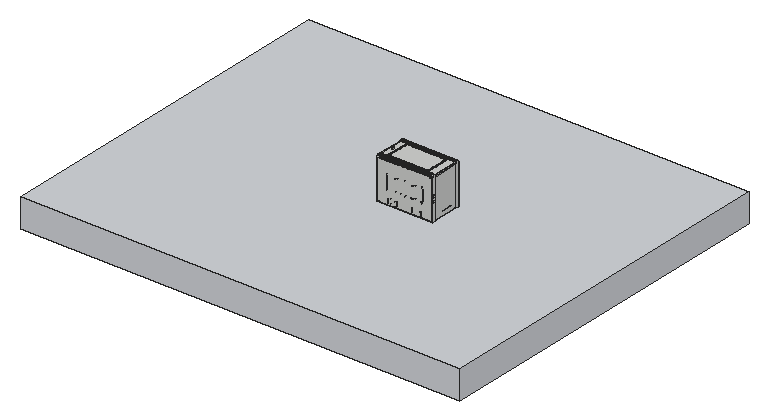
Revit family "ШТ-НСр 600х450", category Обобщенные модели, Revit 2019
Family settings
  Основа = Грань
  Может служить основой для арматурных стержней = Нет
  Размер круглого соединителя = Использовать диаметр
  Тип детали = Нормальный
  При загрузке вырезать с полостями = Нет
  Общий = Нет
  Точка расчета площади = Нет
Parameters (values of type "ШТ-НСр 6U (600х450мм) перфорированная дверь")
  Смещение двери = ADSK_Размер_Глубина - 24 mm  # 426 mm
  Default Elevation = 800 mm
  Дверь = Дверь_П-6U : Дверь_П-6U
  Высота двери = ADSK_Размер_Высота - 80 mm  # 280 mm
  ADSK_Этаж [instance] = "-"
  ADSK_Размер_Ширина = 600 mm  # constant formula
  ADSK_Размер_Глубина = 450 mm  # constant formula
  ADSK_Размер_Высота = 360 mm
  ADSK_Примечание [instance] = "-"
  ADSK_Предел огнестойкости = "-"
  ADSK_Позиция [instance] = "-"
  ADSK_Обозначение = "ШТ-НСр 6U (600х450мм) перфорированная дверь"
  ADSK_Наименование = "Шкаф телекоммуникационный настенный разборный 19”,6U(600x450), ШТ-НСр-6U-600-450-П дверь перфорированная ССД"
  ADSK_Материал обозначение = "Серый RAL 7035"  # constant formula
  ADSK_Масса_Текст = "15,1"
  ADSK_Марка [instance] = "ШТ-НСр 6U (600х450мм) перфорированная дверь"
  ADSK_Количество = 1  # constant formula
  ADSK_Код изделия = "130411-00639"
  ADSK_Зона = "-"
  ADSK_Завод-изготовитель = "АО СВЯЗЬСТРОЙДЕТАЛЬ"  # constant formula
  ADSK_Единица измерения = "шт"  # constant formula
  ADSK_URL страницы изделия = "https://www.ssd.ru/shkaf-telekommunikatsionnyy-nastennyy-razbornyy-19-6u-600x450-sht-nsr-6u-600-450-p-dver-perforirovan"
  ADSK_URL документации изделия = "https://www.ssd.ru/upload/iblock/702/fbps99x9t5k7rvodinq4s9cgysybksc9/sert_sht_np.pdf"
Reference planes
  plane 1 "По центру (Вперед/Назад)": y = 0
  plane 2: z = 0
  plane 3 "По центру (Влево/Вправо)": x = 0
  plane 4: y = 180
  plane 5: y = -180
  plane 6: x = 300
  plane 7: x = -300
  plane 8: z = 450
  plane 9: y = 140
  plane 10: y = -140
  plane 11: z = 426
Forms (mm)
  Extrusion 1, solid
    sketch origin (0, 0, 0) x (1, 0, 0) y (0, 1, 0)
      loop
        line (-2700, 1900) -> (-2700, -2015.656) -> (2062.959, -2015.656) -> (2062.959, 1900) -> (-2700, 1900)
    from 0 to -304.8
  Extrusion 2, solid, material "RAL 7035", detail levels medium+fine
    sketch origin (0, 0, 0) x (-1, 0, 0) y (0, 0, -1)
      loop
        arc (300, -2.994) -> (299.123, -0.877) -> (297.006, 0) r 2.994
        line (297.006, 0) -> (246.94, 0)
        arc (246.94, 0) -> (246.44, -0.501) -> (246.94, -1.001) r 0.501
        line (246.94, -1.001) -> (296.006, -1.001)
        arc (296.006, -1.001) -> (298.132, -1.882) -> (299.013, -4.008) r 3.007
        line (299.013, -4.008) -> (299.013, -425.506)
        arc (299.013, -425.506) -> (299.506, -426) -> (300, -425.506) r 0.494
        line (300, -425.506) -> (300, -2.994)
      loop
        line (-300, -3.007) -> (-300, -425.5)
        arc (-300, -425.5) -> (-299.5, -426) -> (-299, -425.5) r 0.5
        line (-299, -425.5) -> (-299, -4.009)
        arc (-299, -4.009) -> (-298.119, -1.883) -> (-295.993, -1.002) r 3.007
        line (-295.993, -1.002) -> (-246.948, -1.002)
        arc (-246.948, -1.002) -> (-246.447, -0.501) -> (-246.948, 0) r 0.501
        line (-246.948, 0) -> (-296.993, 0)
        arc (-296.993, 0) -> (-299.119, -0.881) -> (-300, -3.007) r 3.007
      loop
        arc (245.778, -0.994) -> (246.278, -0.494) -> (245.778, 0.006) r 0.5
        line (245.778, 0.006) -> (-245.93, 0.006)
        arc (-245.93, 0.006) -> (-246.43, -0.494) -> (-245.93, -0.994) r 0.5
        line (-245.93, -0.994) -> (245.778, -0.994)
    from -140 to 140
  Extrusion 3, void
    sketch origin (10, -269, 0.001) x (1, 0, 0) y (0, 1, 0)
      loop
        line (-281.504, 365) -> (-281.504, 360)
        arc (-281.504, 360) -> (-284.504, 353.755) -> (-281.504, 347.51) r 8
        line (-281.504, 347.51) -> (-281.504, 342.51)
        arc (-281.504, 342.51) -> (-276.504, 337.51) -> (-271.504, 342.51) r 5
        line (-271.504, 342.51) -> (-271.504, 347.51)
        arc (-271.504, 347.51) -> (-268.504, 353.755) -> (-271.504, 360) r 8
        line (-271.504, 360) -> (-271.504, 365)
        arc (-271.504, 365) -> (-276.504, 370) -> (-281.504, 365) r 5
    from 0 to 1
  Extrusion 4, void, not visible
    sketch origin (10, -180, 0) x (1, 0, 0) y (0, 1, 0)
      loop
        line (-281.504, 365) -> (-281.504, 360)
        arc (-281.504, 360) -> (-284.504, 353.755) -> (-281.504, 347.51) r 8
        line (-281.504, 347.51) -> (-281.504, 342.51)
        arc (-281.504, 342.51) -> (-276.504, 337.51) -> (-271.504, 342.51) r 5
        line (-271.504, 342.51) -> (-271.504, 347.51)
        arc (-271.504, 347.51) -> (-268.504, 353.755) -> (-271.504, 360) r 8
        line (-271.504, 360) -> (-271.504, 365)
        arc (-271.504, 365) -> (-276.504, 370) -> (-281.504, 365) r 5
    from 0 to 1
  Extrusion 5, void
    sketch origin (10, 264, 0) x (1, 0, 0) y (0, 1, 0)
      loop
        arc (-281.504, -360) -> (-276.504, -365) -> (-271.504, -360) r 5
        line (-271.504, -360) -> (-271.504, -355)
        arc (-271.504, -355) -> (-268.504, -348.755) -> (-271.504, -342.51) r 8
        line (-271.504, -342.51) -> (-271.504, -337.51)
        arc (-271.504, -337.51) -> (-276.504, -332.51) -> (-281.504, -337.51) r 5
        line (-281.504, -337.51) -> (-281.504, -342.51)
        arc (-281.504, -342.51) -> (-284.504, -348.755) -> (-281.504, -355) r 8
        line (-281.504, -355) -> (-281.504, -360)
    from 0 to 1
  Extrusion 6, void
    sketch origin (-10, -264, 0) x (-1, 0, 0) y (0, -1, 0)
      loop
        arc (-281.504, -360) -> (-276.504, -365) -> (-271.504, -360) r 5
        line (-271.504, -360) -> (-271.504, -355)
        arc (-271.504, -355) -> (-268.504, -348.755) -> (-271.504, -342.51) r 8
        line (-271.504, -342.51) -> (-271.504, -337.51)
        arc (-271.504, -337.51) -> (-276.504, -332.51) -> (-281.504, -337.51) r 5
        line (-281.504, -337.51) -> (-281.504, -342.51)
        arc (-281.504, -342.51) -> (-284.504, -348.755) -> (-281.504, -355) r 8
        line (-281.504, -355) -> (-281.504, -360)
    from 0 to 1
  Extrusion 7, void
    sketch origin (-10, 269, 0) x (-1, 0, 0) y (0, -1, 0)
      loop
        line (-281.504, 365) -> (-281.504, 360)
        arc (-281.504, 360) -> (-284.504, 353.755) -> (-281.504, 347.51) r 8
        line (-281.504, 347.51) -> (-281.504, 342.51)
        arc (-281.504, 342.51) -> (-276.504, 337.51) -> (-271.504, 342.51) r 5
        line (-271.504, 342.51) -> (-271.504, 347.51)
        arc (-271.504, 347.51) -> (-268.504, 353.755) -> (-271.504, 360) r 8
        line (-271.504, 360) -> (-271.504, 365)
        arc (-271.504, 365) -> (-276.504, 370) -> (-281.504, 365) r 5
    from 0 to 1
  Extrusion 8, solid, detail levels coarse
    sketch origin (0, 0, 0) x (1, 0, 0) y (0, 1, 0)
      loop
        line (-300, 180) -> (-300, -180) -> (300, -180) -> (300, 180) -> (-300, 180)
    from 0 to 450
Cuts and joins
  Extrusion 3, Extrusion 5, Extrusion 6, Extrusion 7 cuts Extrusion 2
Lines and regions (mm)
  reference lines
    curve 1: line (-274.504, 84.755, 0.001) -> (-258.504, 84.755, 0.001)
    curve 3: line (-274.504, -84.755, 0) -> (-258.504, -84.755, 0)
    curve 4: line (274.504, 84.755, 0) -> (258.504, 84.755, 0)
    curve 5: line (274.504, -84.755, 0) -> (258.504, -84.755, 0)
  reference lines, not visible
    curve 2: line (-274.504, 173.755, 0) -> (-258.504, 173.755, 0)
Dimensions and locks
  equal spacing: plane 7, plane 3 "По центру (Влево/Вправо)", plane 6
  "ADSK_Размер_Ширина": plane 7 to plane 6
  equal spacing: plane 5, plane 1 "По центру (Вперед/Назад)", plane 4
  "ADSK_Размер_Высота": plane 5 to plane 4
  "ADSK_Размер_Глубина": Extrusion 1 to plane 8
  locked: plane 9 to plane 4 at 40
  locked: plane 5 to plane 10 at 40
  locked: curve 1 to plane 9 at 55.245
  locked: plane 10 to curve 3 at 55.245
  locked: plane 9 to curve 4 at 55.245
  locked: curve 5 to plane 10 at 55.245
  locked: plane 11 to plane 8 at 24
  locked: nested 2 to plane 5 at 250
  locked: plane 4 to nested 3 at 250
  aligned and locked: Extrusion 1 to plane 2
  aligned and locked: Extrusion 1 to level
  aligned and locked: Extrusion 2 to level  (x2)
  aligned and locked: Extrusion 2 to plane 2
  aligned and locked: Extrusion 2 to plane 7
  aligned and locked: plane 6 to Extrusion 2
  aligned and locked: Extrusion 2 to Extrusion 3
  aligned and locked: Extrusion 2 to plane 9
  aligned and locked: plane 10 to Extrusion 2
  aligned and locked: plane 6 to Extrusion 8
  aligned and locked: Extrusion 8 to plane 4
  aligned and locked: Extrusion 8 to plane 7
  aligned and locked: plane 5 to Extrusion 8
  aligned and locked: Extrusion 8 to plane 8
  aligned and locked: Extrusion 8 to level
Automatic sketch dimensions
  Extrusion 1 sketch curve to Extrusion 1 sketch curve = 4762.959 mm
  Extrusion 1 sketch curve to Extrusion 1 sketch curve = 3915.656 mm
  Extrusion 3 sketch curve to Extrusion 3 sketch curve = 0 mm  (x5)
  Extrusion 3 sketch curve to Extrusion 3 sketch curve = 5 mm  (x6)
  Extrusion 3 sketch curve to Extrusion 3 sketch curve = 6.245 mm
  Extrusion 4 sketch curve to Extrusion 4 sketch curve = 0 mm  (x5)
  Extrusion 4 sketch curve to Extrusion 4 sketch curve = 5 mm  (x6)
  Extrusion 4 sketch curve to Extrusion 4 sketch curve = 6.245 mm
  Extrusion 5 sketch curve to Extrusion 5 sketch curve = 0 mm  (x5)
  Extrusion 5 sketch curve to Extrusion 5 sketch curve = 5 mm  (x6)
  Extrusion 5 sketch curve to Extrusion 5 sketch curve = 6.245 mm
  Extrusion 6 sketch curve to Extrusion 6 sketch curve = 0 mm  (x5)
  Extrusion 6 sketch curve to Extrusion 6 sketch curve = 5 mm  (x6)
  Extrusion 6 sketch curve to Extrusion 6 sketch curve = 6.245 mm
  Extrusion 7 sketch curve to Extrusion 7 sketch curve = 0 mm  (x5)
  Extrusion 7 sketch curve to Extrusion 7 sketch curve = 5 mm  (x6)
  Extrusion 7 sketch curve to Extrusion 7 sketch curve = 6.245 mm
  Extrusion 2 sketch curve to plane 6 = 0 mm
  Extrusion 2 sketch curve to level = 0 mm  (x2)
  level to Extrusion 2 sketch curve = 0.006 mm
  plane 7 to Extrusion 2 sketch curve = 0 mm
  Extrusion 2 sketch curve to Extrusion 2 sketch curve = 0.5 mm
  Extrusion 2 sketch curve to Extrusion 2 sketch curve = 2.007 mm
  Extrusion 2 sketch curve to level = 1.002 mm
  Extrusion 2 sketch curve to Extrusion 2 sketch curve = 1 mm  (x2)
  Extrusion 2 sketch curve to Extrusion 2 sketch curve = 49.046 mm
  Extrusion 2 sketch curve to level = 0.994 mm
  Extrusion 2 sketch curve to plane 7 = 54.222 mm
  Extrusion 2 sketch curve to level = 1.001 mm
  Extrusion 2 sketch curve to Extrusion 2 sketch curve = 1.162 mm
  Extrusion 2 sketch curve to plane 7 = 3.994 mm
  Extrusion 2 sketch curve to plane 7 = 0.987 mm
  Extrusion 2 sketch curve to plane 8 = 24.5 mm
  Extrusion 2 sketch curve to plane 8 = 24.494 mm
  Extrusion 2 sketch curve to Extrusion 2 sketch curve = 1.018 mm
  plane 5 to Extrusion 8 sketch curve = 0 mm
  Extrusion 8 sketch curve to plane 7 = 0 mm
  plane 6 to Extrusion 8 sketch curve = 0 mm
  Extrusion 8 sketch curve to plane 4 = 0 mm
Nested families
  nested 1: "Дверь_П-6U" at (0, 0, 426), type <- "Дверь", built-in parameter 1001364 <- "Смещение двери", ADSK_Размер_Высота <- "Высота двери", type "Дверь_П-6U"
    with ADSK_Размер_Высота 280 mm
  nested 2: "Крышка 450" at (0, 70, 0) x (-1, 0, 0) z (0, 0, 1), type "Крышка 450"
  nested 3: "Крышка 450" at (0, -70, 0) x (-1, 0, 0) z (0, 0, 1), type "Крышка 450"
Definition of nested family "Дверь_П-6U"
  Parameters (values of type "Дверь_П-6U")
    Ширина = 600 mm
    Стекло = no
    Материал дверцы = none
    Глубина_двери = 1000 mm
    ADSK_Размер_Высота [instance] = 280 mm
  Reference planes
    plane 1 "По центру (Вперед/Назад)": y = 0
    plane 2: z = 0
    plane 3 "По центру (Влево/Вправо)": x = 0
    plane 4: y = 140
    plane 5: y = -140
    plane 6: x = 300
    plane 7: x = -300
    plane 8: z = -1000
  Forms (mm)
    Extrusion 1, solid, detail levels medium+fine
      sketch origin (-48.253, -13.282, 0) x (1, 0, 0) y (0, 1, 0)
        loop
          circle (-223.747, 13.282) r 12
      from 20 to 21
    Blend 2, solid, detail levels medium+fine
      base sketch origin (-60.253, -13.282, 0) x (1, 0, 0) y (0, 1, 0)
        loop
          circle (-211.747, 13.282) r 12
      top sketch origin (-60.253, -13.282, 0) x (1, 0, 0) y (0, 1, 0)
        loop
          circle (-211.747, 13.282) r 9
      from 21 to 24
    Extrusion 3, void, detail levels medium+fine
      sketch origin (-48.253, -13.282, 0) x (1, 0, 0) y (0, 1, 0)
        loop
          line (-228.747, 14.532) -> (-228.747, 12.032) -> (-218.747, 12.032) -> (-218.747, 14.532) -> (-228.747, 14.532)
      from 22 to 24
    Extrusion 4, solid, not visible
      sketch origin (0, 0, 0) x (1, 0, 0) y (0, 1, 0)
        loop
          arc (-297, 180) -> (-299.121, 179.121) -> (-300, 177) r 3
          line (-300, 177) -> (-300, -177)
          arc (-300, -177) -> (-299.121, -179.121) -> (-297, -180) r 3
          line (-297, -180) -> (297, -180)
          arc (297, -180) -> (299.121, -179.121) -> (300, -177) r 3
          line (300, -177) -> (300, 177)
          arc (300, 177) -> (299.121, 179.121) -> (297, 180) r 3
          line (297, 180) -> (-297, 180)
      from 0 to 20
    Extrusion 5, solid, not visible
      sketch origin (0, 0, 0) x (1, 0, 0) y (0, 1, 0)
        loop
          circle (-223.747, 13.282) r 12
      from 20 to 21
    Blend 6, solid, not visible
      base sketch origin (-12, 0, 0) x (1, 0, 0) y (0, 1, 0)
        loop
          circle (-211.747, 13.282) r 12
      top sketch origin (-12, 0, 0) x (1, 0, 0) y (0, 1, 0)
        loop
          circle (-211.747, 13.282) r 9
      from 21 to 24
    Extrusion 7, void, not visible
      sketch origin (0, 0, 0) x (1, 0, 0) y (0, 1, 0)
        loop
          line (-228.747, 14.532) -> (-228.747, 12.032) -> (-218.747, 12.032) -> (-218.747, 14.532) -> (-228.747, 14.532)
      from 22 to 24
    Extrusion 8, solid, detail levels medium+fine
      sketch origin (0, 0, 0) x (1, 0, 0) y (0, 1, 0)
        loop
          arc (-297, 140) -> (-299.121, 139.121) -> (-300, 137) r 3
          line (-300, 137) -> (-300, -137)
          arc (-300, -137) -> (-299.121, -139.121) -> (-297, -140) r 3
          line (-297, -140) -> (297, -140)
          arc (297, -140) -> (299.121, -139.121) -> (300, -137) r 3
          line (300, -137) -> (300, 137)
          arc (300, 137) -> (299.121, 139.121) -> (297, 140) r 3
          line (297, 140) -> (-297, 140)
      from 0 to 20
    Extrusion 9, void
      sketch origin (0, 0, 0) x (0, 1, 0) y (0, 0, 1)
        loop
          line (140, 17) -> (140, 20) -> (137, 20)
          arc (137, 20) -> (139.121, 19.121) -> (140, 17) r 3
        loop
          arc (-140, 17) -> (-139.121, 19.121) -> (-137, 20) r 3
          line (-137, 20) -> (-140, 20) -> (-140, 17)
        loop
          arc (140, 3) -> (139.121, 0.879) -> (137, 0) r 3
          line (137, 0) -> (140, 0) -> (140, 3)
        loop
          line (-140, 3) -> (-140, 0) -> (-137, 0)
          arc (-137, 0) -> (-139.121, 0.879) -> (-140, 3) r 3
      from -300 to 300
    Extrusion 10, void
      sketch origin (0, 0, 0) x (1, 0, 0) y (0, 0, 1)
        loop
          line (-297, 20) -> (-300, 20) -> (-300, 17)
          arc (-300, 17) -> (-299.121, 19.121) -> (-297, 20) r 3
        loop
          arc (297, 20) -> (299.121, 19.121) -> (300, 17) r 3
          line (300, 17) -> (300, 20) -> (297, 20)
        loop
          arc (-297, 0) -> (-299.121, 0.879) -> (-300, 3) r 3
          line (-300, 3) -> (-300, 0) -> (-297, 0)
        loop
          line (297, 0) -> (300, 0) -> (300, 3)
          arc (300, 3) -> (299.121, 0.879) -> (297, 0) r 3
      from -140 to 140
    Extrusion 11, void
      sketch origin (0, 0, 0) x (1, 0, 0) y (0, 1, 0)
        loop
          line (-297, 137) -> (-297, -137) -> (297, -137) -> (297, 137) -> (-297, 137)
      from 0 to 18.011
    Extrusion 12, void, detail levels fine
      sketch origin (0, 0, 0) x (1, 0, 0) y (0, 1, 0)
        loop
          line (-207.629, 133.76) -> (-211.786, 131.36) -> (-211.786, 126.56) -> (-207.629, 124.16) -> (-203.472, 126.56) -> (-203.472, 131.36) -> (-207.629, 133.76)
        loop
          line (-197.815, 133.76) -> (-201.972, 131.36) -> (-201.972, 126.56) -> (-197.815, 124.16) -> (-193.658, 126.56) -> (-193.658, 131.36) -> (-197.815, 133.76)
        loop
          line (-188.002, 133.76) -> (-192.158, 131.36) -> (-192.158, 126.56) -> (-188.002, 124.16) -> (-183.845, 126.56) -> (-183.845, 131.36) -> (-188.002, 133.76)
        loop
          line (-178.188, 133.76) -> (-182.345, 131.36) -> (-182.345, 126.56) -> (-178.188, 124.16) -> (-174.031, 126.56) -> (-174.031, 131.36) -> (-178.188, 133.76)
        loop
          line (-168.374, 133.76) -> (-172.531, 131.36) -> (-172.531, 126.56) -> (-168.374, 124.16) -> (-164.217, 126.56) -> (-164.217, 131.36) -> (-168.374, 133.76)
        loop
          line (-158.56, 133.76) -> (-162.717, 131.36) -> (-162.717, 126.56) -> (-158.56, 124.16) -> (-154.403, 126.56) -> (-154.403, 131.36) -> (-158.56, 133.76)
        loop
          line (-148.746, 133.76) -> (-152.903, 131.36) -> (-152.903, 126.56) -> (-148.746, 124.16) -> (-144.589, 126.56) -> (-144.589, 131.36) -> (-148.746, 133.76)
        loop
          line (-138.932, 133.76) -> (-143.089, 131.36) -> (-143.089, 126.56) -> (-138.932, 124.16) -> (-134.775, 126.56) -> (-134.775, 131.36) -> (-138.932, 133.76)
        loop
          line (-129.118, 133.76) -> (-133.275, 131.36) -> (-133.275, 126.56) -> (-129.118, 124.16) -> (-124.962, 126.56) -> (-124.962, 131.36) -> (-129.118, 133.76)
        loop
          line (-119.305, 133.76) -> (-123.462, 131.36) -> (-123.462, 126.56) -> (-119.305, 124.16) -> (-115.148, 126.56) -> (-115.148, 131.36) -> (-119.305, 133.76)
        loop
          line (-109.491, 133.76) -> (-113.648, 131.36) -> (-113.648, 126.56) -> (-109.491, 124.16) -> (-105.334, 126.56) -> (-105.334, 131.36) -> (-109.491, 133.76)
        loop
          line (-99.677, 133.76) -> (-103.834, 131.36) -> (-103.834, 126.56) -> (-99.677, 124.16) -> (-95.52, 126.56) -> (-95.52, 131.36) -> (-99.677, 133.76)
        loop
          line (-89.863, 133.76) -> (-94.02, 131.36) -> (-94.02, 126.56) -> (-89.863, 124.16) -> (-85.706, 126.56) -> (-85.706, 131.36) -> (-89.863, 133.76)
        loop
          line (-80.049, 133.76) -> (-84.206, 131.36) -> (-84.206, 126.56) -> (-80.049, 124.16) -> (-75.892, 126.56) -> (-75.892, 131.36) -> (-80.049, 133.76)
        loop
          line (-70.235, 133.76) -> (-74.392, 131.36) -> (-74.392, 126.56) -> (-70.235, 124.16) -> (-66.078, 126.56) -> (-66.078, 131.36) -> (-70.235, 133.76)
        loop
          line (-60.422, 133.76) -> (-64.578, 131.36) -> (-64.578, 126.56) -> (-60.422, 124.16) -> (-56.265, 126.56) -> (-56.265, 131.36) -> (-60.422, 133.76)
        loop
          line (-50.608, 133.76) -> (-54.765, 131.36) -> (-54.765, 126.56) -> (-50.608, 124.16) -> (-46.451, 126.56) -> (-46.451, 131.36) -> (-50.608, 133.76)
        loop
          line (-40.794, 133.76) -> (-44.951, 131.36) -> (-44.951, 126.56) -> (-40.794, 124.16) -> (-36.637, 126.56) -> (-36.637, 131.36) -> (-40.794, 133.76)
        loop
          line (-30.98, 133.76) -> (-35.137, 131.36) -> (-35.137, 126.56) -> (-30.98, 124.16) -> (-26.823, 126.56) -> (-26.823, 131.36) -> (-30.98, 133.76)
        loop
          line (-21.166, 133.76) -> (-25.323, 131.36) -> (-25.323, 126.56) -> (-21.166, 124.16) -> (-17.009, 126.56) -> (-17.009, 131.36) -> (-21.166, 133.76)
        loop
          line (-11.352, 133.76) -> (-15.509, 131.36) -> (-15.509, 126.56) -> (-11.352, 124.16) -> (-7.195, 126.56) -> (-7.195, 131.36) -> (-11.352, 133.76)
        loop
          line (-1.539, 133.76) -> (-5.695, 131.36) -> (-5.695, 126.56) -> (-1.539, 124.16) -> (2.618, 126.56) -> (2.618, 131.36) -> (-1.539, 133.76)
        loop
          line (8.275, 133.76) -> (4.118, 131.36) -> (4.118, 126.56) -> (8.275, 124.16) -> (12.432, 126.56) -> (12.432, 131.36) -> (8.275, 133.76)
        loop
          line (18.089, 133.76) -> (13.932, 131.36) -> (13.932, 126.56) -> (18.089, 124.16) -> (22.246, 126.56) -> (22.246, 131.36) -> (18.089, 133.76)
        loop
          line (27.903, 133.76) -> (23.746, 131.36) -> (23.746, 126.56) -> (27.903, 124.16) -> (32.06, 126.56) -> (32.06, 131.36) -> (27.903, 133.76)
        loop
          line (37.717, 133.76) -> (33.56, 131.36) -> (33.56, 126.56) -> (37.717, 124.16) -> (41.874, 126.56) -> (41.874, 131.36) -> (37.717, 133.76)
        loop
          line (47.531, 133.76) -> (43.374, 131.36) -> (43.374, 126.56) -> (47.531, 124.16) -> (51.688, 126.56) -> (51.688, 131.36) -> (47.531, 133.76)
        loop
          line (57.345, 133.76) -> (53.188, 131.36) -> (53.188, 126.56) -> (57.345, 124.16) -> (61.501, 126.56) -> (61.501, 131.36) -> (57.345, 133.76)
        loop
          line (67.158, 133.76) -> (63.001, 131.36) -> (63.001, 126.56) -> (67.158, 124.16) -> (71.315, 126.56) -> (71.315, 131.36) -> (67.158, 133.76)
        loop
          line (76.972, 133.76) -> (72.815, 131.36) -> (72.815, 126.56) -> (76.972, 124.16) -> (81.129, 126.56) -> (81.129, 131.36) -> (76.972, 133.76)
        loop
          line (86.786, 133.76) -> (82.629, 131.36) -> (82.629, 126.56) -> (86.786, 124.16) -> (90.943, 126.56) -> (90.943, 131.36) -> (86.786, 133.76)
        loop
          line (96.6, 133.76) -> (92.443, 131.36) -> (92.443, 126.56) -> (96.6, 124.16) -> (100.757, 126.56) -> (100.757, 131.36) -> (96.6, 133.76)
        loop
          line (106.414, 133.76) -> (102.257, 131.36) -> (102.257, 126.56) -> (106.414, 124.16) -> (110.571, 126.56) -> (110.571, 131.36) -> (106.414, 133.76)
        loop
          line (116.228, 133.76) -> (112.071, 131.36) -> (112.071, 126.56) -> (116.228, 124.16) -> (120.385, 126.56) -> (120.385, 131.36) -> (116.228, 133.76)
        loop
          line (126.041, 133.76) -> (121.885, 131.36) -> (121.885, 126.56) -> (126.041, 124.16) -> (130.198, 126.56) -> (130.198, 131.36) -> (126.041, 133.76)
        loop
          line (135.855, 133.76) -> (131.698, 131.36) -> (131.698, 126.56) -> (135.855, 124.16) -> (140.012, 126.56) -> (140.012, 131.36) -> (135.855, 133.76)
        loop
          line (145.669, 133.76) -> (141.512, 131.36) -> (141.512, 126.56) -> (145.669, 124.16) -> (149.826, 126.56) -> (149.826, 131.36) -> (145.669, 133.76)
        loop
          line (155.483, 133.76) -> (151.326, 131.36) -> (151.326, 126.56) -> (155.483, 124.16) -> (159.64, 126.56) -> (159.64, 131.36) -> (155.483, 133.76)
        loop
          line (165.297, 133.76) -> (161.14, 131.36) -> (161.14, 126.56) -> (165.297, 124.16) -> (169.454, 126.56) -> (169.454, 131.36) -> (165.297, 133.76)
        loop
          line (175.111, 133.76) -> (170.954, 131.36) -> (170.954, 126.56) -> (175.111, 124.16) -> (179.268, 126.56) -> (179.268, 131.36) -> (175.111, 133.76)
        loop
          line (184.925, 133.76) -> (180.768, 131.36) -> (180.768, 126.56) -> (184.925, 124.16) -> (189.081, 126.56) -> (189.081, 131.36) -> (184.925, 133.76)
        loop
          line (194.738, 133.76) -> (190.581, 131.36) -> (190.581, 126.56) -> (194.738, 124.16) -> (198.895, 126.56) -> (198.895, 131.36) -> (194.738, 133.76)
        loop
          line (204.552, 133.76) -> (200.395, 131.36) -> (200.395, 126.56) -> (204.552, 124.16) -> (208.709, 126.56) -> (208.709, 131.36) -> (204.552, 133.76)
        loop
          line (-222.35, 5.011) -> (-226.507, 2.611) -> (-226.507, -2.189) -> (-222.35, -4.589) -> (-218.193, -2.189) -> (-218.193, 2.611) -> (-222.35, 5.011)
        loop
          line (209.459, 5.011) -> (205.302, 2.611) -> (205.302, -2.189) -> (209.459, -4.589) -> (213.616, -2.189) -> (213.616, 2.611) -> (209.459, 5.011)
        loop
          line (-221.6, 11.11) -> (-221.6, 6.31) -> (-217.443, 3.91) -> (-213.286, 6.31) -> (-213.286, 11.11) -> (-217.443, 13.51) -> (-221.6, 11.11)
        loop
          line (214.366, 13.51) -> (210.209, 11.11) -> (210.209, 6.31) -> (214.366, 3.91) -> (218.523, 6.31) -> (218.523, 11.11) -> (214.366, 13.51)
        loop
          line (-222.35, 22.009) -> (-226.507, 19.609) -> (-226.507, 14.809) -> (-222.35, 12.409) -> (-218.193, 14.809) -> (-218.193, 19.609) -> (-222.35, 22.009)
        loop
          line (209.459, 22.009) -> (205.302, 19.609) -> (205.302, 14.809) -> (209.459, 12.409) -> (213.616, 14.809) -> (213.616, 19.609) -> (209.459, 22.009)
        loop
          line (-222.35, 39.428) -> (-226.507, 37.028) -> (-226.507, 32.228) -> (-222.35, 29.828) -> (-218.193, 32.228) -> (-218.193, 37.028) -> (-222.35, 39.428)
        loop
          line (-221.6, 45.527) -> (-221.6, 40.727) -> (-217.443, 38.327) -> (-213.286, 40.727) -> (-213.286, 45.527) -> (-217.443, 47.927) -> (-221.6, 45.527)
        loop
          line (-222.35, 56.426) -> (-226.507, 54.026) -> (-226.507, 49.226) -> (-222.35, 46.826) -> (-218.193, 49.226) -> (-218.193, 54.026) -> (-222.35, 56.426)
        loop
          line (-221.6, 23.308) -> (-217.443, 20.908) -> (-213.286, 23.308) -> (-213.286, 28.108) -> (-217.443, 30.508) -> (-221.6, 28.108) -> (-221.6, 23.308)
        loop
          line (-222.35, 73.845) -> (-226.507, 71.445) -> (-226.507, 66.645) -> (-222.35, 64.245) -> (-218.193, 66.645) -> (-218.193, 71.445) -> (-222.35, 73.845)
        loop
          line (-221.6, 79.944) -> (-221.6, 75.144) -> (-217.443, 72.744) -> (-213.286, 75.144) -> (-213.286, 79.944) -> (-217.443, 82.344) -> (-221.6, 79.944)
        loop
          line (-222.35, 90.843) -> (-226.507, 88.443) -> (-226.507, 83.643) -> (-222.35, 81.243) -> (-218.193, 83.643) -> (-218.193, 88.443) -> (-222.35, 90.843)
        loop
          line (-221.6, 57.725) -> (-217.443, 55.325) -> (-213.286, 57.725) -> (-213.286, 62.525) -> (-217.443, 64.925) -> (-221.6, 62.525) -> (-221.6, 57.725)
        loop
          line (-222.35, 108.263) -> (-226.507, 105.863) -> (-226.507, 101.063) -> (-222.35, 98.663) -> (-218.193, 101.063) -> (-218.193, 105.863) -> (-222.35, 108.263)
        loop
          line (-221.6, 114.362) -> (-221.6, 109.562) -> (-217.443, 107.162) -> (-213.286, 109.562) -> (-213.286, 114.362) -> (-217.443, 116.762) -> (-221.6, 114.362)
        loop
          line (-222.35, 125.261) -> (-226.507, 122.861) -> (-226.507, 118.061) -> (-222.35, 115.661) -> (-218.193, 118.061) -> (-218.193, 122.861) -> (-222.35, 125.261)
        loop
          line (-221.6, 92.142) -> (-217.443, 89.742) -> (-213.286, 92.142) -> (-213.286, 96.942) -> (-217.443, 99.342) -> (-221.6, 96.942) -> (-221.6, 92.142)
        loop
          line (-221.6, 131.36) -> (-221.6, 126.56) -> (-217.443, 124.16) -> (-213.286, 126.56) -> (-213.286, 131.36) -> (-217.443, 133.76) -> (-221.6, 131.36)
        loop
          line (209.459, 39.428) -> (205.302, 37.028) -> (205.302, 32.228) -> (209.459, 29.828) -> (213.616, 32.228) -> (213.616, 37.028) -> (209.459, 39.428)
        loop
          line (210.209, 45.527) -> (210.209, 40.727) -> (214.366, 38.327) -> (218.523, 40.727) -> (218.523, 45.527) -> (214.366, 47.927) -> (210.209, 45.527)
        loop
          line (209.459, 56.426) -> (205.302, 54.026) -> (205.302, 49.226) -> (209.459, 46.826) -> (213.616, 49.226) -> (213.616, 54.026) -> (209.459, 56.426)
        loop
          line (210.209, 23.308) -> (214.366, 20.908) -> (218.523, 23.308) -> (218.523, 28.108) -> (214.366, 30.508) -> (210.209, 28.108) -> (210.209, 23.308)
        loop
          line (209.459, 73.845) -> (205.302, 71.445) -> (205.302, 66.645) -> (209.459, 64.245) -> (213.616, 66.645) -> (213.616, 71.445) -> (209.459, 73.845)
        loop
          line (210.209, 79.944) -> (210.209, 75.144) -> (214.366, 72.744) -> (218.523, 75.144) -> (218.523, 79.944) -> (214.366, 82.344) -> (210.209, 79.944)
        loop
          line (209.459, 90.843) -> (205.302, 88.443) -> (205.302, 83.643) -> (209.459, 81.243) -> (213.616, 83.643) -> (213.616, 88.443) -> (209.459, 90.843)
        loop
          line (210.209, 57.725) -> (214.366, 55.325) -> (218.523, 57.725) -> (218.523, 62.525) -> (214.366, 64.925) -> (210.209, 62.525) -> (210.209, 57.725)
        loop
          line (209.459, 108.263) -> (205.302, 105.863) -> (205.302, 101.063) -> (209.459, 98.663) -> (213.616, 101.063) -> (213.616, 105.863) -> (209.459, 108.263)
        loop
          line (210.209, 114.362) -> (210.209, 109.562) -> (214.366, 107.162) -> (218.523, 109.562) -> (218.523, 114.362) -> (214.366, 116.762) -> (210.209, 114.362)
        loop
          line (209.459, 125.261) -> (205.302, 122.861) -> (205.302, 118.061) -> (209.459, 115.661) -> (213.616, 118.061) -> (213.616, 122.861) -> (209.459, 125.261)
        loop
          line (210.209, 92.142) -> (214.366, 89.742) -> (218.523, 92.142) -> (218.523, 96.942) -> (214.366, 99.342) -> (210.209, 96.942) -> (210.209, 92.142)
        loop
          line (210.209, 131.36) -> (210.209, 126.56) -> (214.366, 124.16) -> (218.523, 126.56) -> (218.523, 131.36) -> (214.366, 133.76) -> (210.209, 131.36)
        loop
          line (-207.629, -133.76) -> (-203.472, -131.36) -> (-203.472, -126.56) -> (-207.629, -124.16) -> (-211.786, -126.56) -> (-211.786, -131.36) -> (-207.629, -133.76)
        loop
          line (-197.815, -133.76) -> (-193.658, -131.36) -> (-193.658, -126.56) -> (-197.815, -124.16) -> (-201.972, -126.56) -> (-201.972, -131.36) -> (-197.815, -133.76)
        loop
          line (-188.002, -133.76) -> (-183.845, -131.36) -> (-183.845, -126.56) -> (-188.002, -124.16) -> (-192.158, -126.56) -> (-192.158, -131.36) -> (-188.002, -133.76)
        loop
          line (-178.188, -133.76) -> (-174.031, -131.36) -> (-174.031, -126.56) -> (-178.188, -124.16) -> (-182.345, -126.56) -> (-182.345, -131.36) -> (-178.188, -133.76)
        loop
          line (-168.374, -133.76) -> (-164.217, -131.36) -> (-164.217, -126.56) -> (-168.374, -124.16) -> (-172.531, -126.56) -> (-172.531, -131.36) -> (-168.374, -133.76)
        loop
          line (-158.56, -133.76) -> (-154.403, -131.36) -> (-154.403, -126.56) -> (-158.56, -124.16) -> (-162.717, -126.56) -> (-162.717, -131.36) -> (-158.56, -133.76)
        loop
          line (-148.746, -133.76) -> (-144.589, -131.36) -> (-144.589, -126.56) -> (-148.746, -124.16) -> (-152.903, -126.56) -> (-152.903, -131.36) -> (-148.746, -133.76)
        loop
          line (-138.932, -133.76) -> (-134.775, -131.36) -> (-134.775, -126.56) -> (-138.932, -124.16) -> (-143.089, -126.56) -> (-143.089, -131.36) -> (-138.932, -133.76)
        loop
          line (-129.118, -133.76) -> (-124.962, -131.36) -> (-124.962, -126.56) -> (-129.118, -124.16) -> (-133.275, -126.56) -> (-133.275, -131.36) -> (-129.118, -133.76)
        loop
          line (-119.305, -133.76) -> (-115.148, -131.36) -> (-115.148, -126.56) -> (-119.305, -124.16) -> (-123.462, -126.56) -> (-123.462, -131.36) -> (-119.305, -133.76)
        loop
          line (-109.491, -133.76) -> (-105.334, -131.36) -> (-105.334, -126.56) -> (-109.491, -124.16) -> (-113.648, -126.56) -> (-113.648, -131.36) -> (-109.491, -133.76)
        loop
          line (-99.677, -133.76) -> (-95.52, -131.36) -> (-95.52, -126.56) -> (-99.677, -124.16) -> (-103.834, -126.56) -> (-103.834, -131.36) -> (-99.677, -133.76)
        loop
          line (-89.863, -133.76) -> (-85.706, -131.36) -> (-85.706, -126.56) -> (-89.863, -124.16) -> (-94.02, -126.56) -> (-94.02, -131.36) -> (-89.863, -133.76)
        loop
          line (-80.049, -133.76) -> (-75.892, -131.36) -> (-75.892, -126.56) -> (-80.049, -124.16) -> (-84.206, -126.56) -> (-84.206, -131.36) -> (-80.049, -133.76)
        loop
          line (-70.235, -133.76) -> (-66.078, -131.36) -> (-66.078, -126.56) -> (-70.235, -124.16) -> (-74.392, -126.56) -> (-74.392, -131.36) -> (-70.235, -133.76)
        loop
          line (-60.422, -133.76) -> (-56.265, -131.36) -> (-56.265, -126.56) -> (-60.422, -124.16) -> (-64.578, -126.56) -> (-64.578, -131.36) -> (-60.422, -133.76)
        loop
          line (-50.608, -133.76) -> (-46.451, -131.36) -> (-46.451, -126.56) -> (-50.608, -124.16) -> (-54.765, -126.56) -> (-54.765, -131.36) -> (-50.608, -133.76)
        loop
          line (-40.794, -133.76) -> (-36.637, -131.36) -> (-36.637, -126.56) -> (-40.794, -124.16) -> (-44.951, -126.56) -> (-44.951, -131.36) -> (-40.794, -133.76)
        loop
          line (-30.98, -133.76) -> (-26.823, -131.36) -> (-26.823, -126.56) -> (-30.98, -124.16) -> (-35.137, -126.56) -> (-35.137, -131.36) -> (-30.98, -133.76)
        loop
          line (-21.166, -133.76) -> (-17.009, -131.36) -> (-17.009, -126.56) -> (-21.166, -124.16) -> (-25.323, -126.56) -> (-25.323, -131.36) -> (-21.166, -133.76)
        loop
          line (-11.352, -133.76) -> (-7.195, -131.36) -> (-7.195, -126.56) -> (-11.352, -124.16) -> (-15.509, -126.56) -> (-15.509, -131.36) -> (-11.352, -133.76)
        loop
          line (-1.539, -133.76) -> (2.618, -131.36) -> (2.618, -126.56) -> (-1.539, -124.16) -> (-5.695, -126.56) -> (-5.695, -131.36) -> (-1.539, -133.76)
        loop
          line (8.275, -133.76) -> (12.432, -131.36) -> (12.432, -126.56) -> (8.275, -124.16) -> (4.118, -126.56) -> (4.118, -131.36) -> (8.275, -133.76)
        loop
          line (18.089, -133.76) -> (22.246, -131.36) -> (22.246, -126.56) -> (18.089, -124.16) -> (13.932, -126.56) -> (13.932, -131.36) -> (18.089, -133.76)
        loop
          line (27.903, -133.76) -> (32.06, -131.36) -> (32.06, -126.56) -> (27.903, -124.16) -> (23.746, -126.56) -> (23.746, -131.36) -> (27.903, -133.76)
        loop
          line (37.717, -133.76) -> (41.874, -131.36) -> (41.874, -126.56) -> (37.717, -124.16) -> (33.56, -126.56) -> (33.56, -131.36) -> (37.717, -133.76)
        loop
          line (47.531, -133.76) -> (51.688, -131.36) -> (51.688, -126.56) -> (47.531, -124.16) -> (43.374, -126.56) -> (43.374, -131.36) -> (47.531, -133.76)
        loop
          line (57.345, -133.76) -> (61.501, -131.36) -> (61.501, -126.56) -> (57.345, -124.16) -> (53.188, -126.56) -> (53.188, -131.36) -> (57.345, -133.76)
        loop
          line (67.158, -133.76) -> (71.315, -131.36) -> (71.315, -126.56) -> (67.158, -124.16) -> (63.001, -126.56) -> (63.001, -131.36) -> (67.158, -133.76)
        loop
          line (76.972, -133.76) -> (81.129, -131.36) -> (81.129, -126.56) -> (76.972, -124.16) -> (72.815, -126.56) -> (72.815, -131.36) -> (76.972, -133.76)
        loop
          line (86.786, -133.76) -> (90.943, -131.36) -> (90.943, -126.56) -> (86.786, -124.16) -> (82.629, -126.56) -> (82.629, -131.36) -> (86.786, -133.76)
        loop
          line (96.6, -133.76) -> (100.757, -131.36) -> (100.757, -126.56) -> (96.6, -124.16) -> (92.443, -126.56) -> (92.443, -131.36) -> (96.6, -133.76)
        loop
          line (106.414, -133.76) -> (110.571, -131.36) -> (110.571, -126.56) -> (106.414, -124.16) -> (102.257, -126.56) -> (102.257, -131.36) -> (106.414, -133.76)
        loop
          line (116.228, -133.76) -> (120.385, -131.36) -> (120.385, -126.56) -> (116.228, -124.16) -> (112.071, -126.56) -> (112.071, -131.36) -> (116.228, -133.76)
        loop
          line (126.041, -133.76) -> (130.198, -131.36) -> (130.198, -126.56) -> (126.041, -124.16) -> (121.885, -126.56) -> (121.885, -131.36) -> (126.041, -133.76)
        loop
          line (135.855, -133.76) -> (140.012, -131.36) -> (140.012, -126.56) -> (135.855, -124.16) -> (131.698, -126.56) -> (131.698, -131.36) -> (135.855, -133.76)
        loop
          line (145.669, -133.76) -> (149.826, -131.36) -> (149.826, -126.56) -> (145.669, -124.16) -> (141.512, -126.56) -> (141.512, -131.36) -> (145.669, -133.76)
        loop
          line (155.483, -133.76) -> (159.64, -131.36) -> (159.64, -126.56) -> (155.483, -124.16) -> (151.326, -126.56) -> (151.326, -131.36) -> (155.483, -133.76)
        loop
          line (165.297, -133.76) -> (169.454, -131.36) -> (169.454, -126.56) -> (165.297, -124.16) -> (161.14, -126.56) -> (161.14, -131.36) -> (165.297, -133.76)
        loop
          line (175.111, -133.76) -> (179.268, -131.36) -> (179.268, -126.56) -> (175.111, -124.16) -> (170.954, -126.56) -> (170.954, -131.36) -> (175.111, -133.76)
        loop
          line (184.925, -133.76) -> (189.081, -131.36) -> (189.081, -126.56) -> (184.925, -124.16) -> (180.768, -126.56) -> (180.768, -131.36) -> (184.925, -133.76)
        loop
          line (194.738, -133.76) -> (198.895, -131.36) -> (198.895, -126.56) -> (194.738, -124.16) -> (190.581, -126.56) -> (190.581, -131.36) -> (194.738, -133.76)
        loop
          line (204.552, -133.76) -> (208.709, -131.36) -> (208.709, -126.56) -> (204.552, -124.16) -> (200.395, -126.56) -> (200.395, -131.36) -> (204.552, -133.76)
        loop
          line (-221.6, -11.11) -> (-217.443, -13.51) -> (-213.286, -11.11) -> (-213.286, -6.31) -> (-217.443, -3.91) -> (-221.6, -6.31) -> (-221.6, -11.11)
        loop
          line (214.366, -13.51) -> (218.523, -11.11) -> (218.523, -6.31) -> (214.366, -3.91) -> (210.209, -6.31) -> (210.209, -11.11) -> (214.366, -13.51)
        loop
          line (-222.35, -22.009) -> (-218.193, -19.609) -> (-218.193, -14.809) -> (-222.35, -12.409) -> (-226.507, -14.809) -> (-226.507, -19.609) -> (-222.35, -22.009)
        loop
          line (209.459, -22.009) -> (213.616, -19.609) -> (213.616, -14.809) -> (209.459, -12.409) -> (205.302, -14.809) -> (205.302, -19.609) -> (209.459, -22.009)
        loop
          line (-222.35, -39.428) -> (-218.193, -37.028) -> (-218.193, -32.228) -> (-222.35, -29.828) -> (-226.507, -32.228) -> (-226.507, -37.028) -> (-222.35, -39.428)
        loop
          line (-221.6, -45.527) -> (-217.443, -47.927) -> (-213.286, -45.527) -> (-213.286, -40.727) -> (-217.443, -38.327) -> (-221.6, -40.727) -> (-221.6, -45.527)
        loop
          line (-222.35, -56.426) -> (-218.193, -54.026) -> (-218.193, -49.226) -> (-222.35, -46.826) -> (-226.507, -49.226) -> (-226.507, -54.026) -> (-222.35, -56.426)
        loop
          line (-221.6, -23.308) -> (-221.6, -28.108) -> (-217.443, -30.508) -> (-213.286, -28.108) -> (-213.286, -23.308) -> (-217.443, -20.908) -> (-221.6, -23.308)
        loop
          line (-222.35, -73.845) -> (-218.193, -71.445) -> (-218.193, -66.645) -> (-222.35, -64.245) -> (-226.507, -66.645) -> (-226.507, -71.445) -> (-222.35, -73.845)
        loop
          line (-221.6, -79.944) -> (-217.443, -82.344) -> (-213.286, -79.944) -> (-213.286, -75.144) -> (-217.443, -72.744) -> (-221.6, -75.144) -> (-221.6, -79.944)
        loop
          line (-222.35, -90.843) -> (-218.193, -88.443) -> (-218.193, -83.643) -> (-222.35, -81.243) -> (-226.507, -83.643) -> (-226.507, -88.443) -> (-222.35, -90.843)
        loop
          line (-221.6, -57.725) -> (-221.6, -62.525) -> (-217.443, -64.925) -> (-213.286, -62.525) -> (-213.286, -57.725) -> (-217.443, -55.325) -> (-221.6, -57.725)
        loop
          line (-222.35, -108.263) -> (-218.193, -105.863) -> (-218.193, -101.063) -> (-222.35, -98.663) -> (-226.507, -101.063) -> (-226.507, -105.863) -> (-222.35, -108.263)
        loop
          line (-221.6, -114.362) -> (-217.443, -116.762) -> (-213.286, -114.362) -> (-213.286, -109.562) -> (-217.443, -107.162) -> (-221.6, -109.562) -> (-221.6, -114.362)
        loop
          line (-222.35, -125.261) -> (-218.193, -122.861) -> (-218.193, -118.061) -> (-222.35, -115.661) -> (-226.507, -118.061) -> (-226.507, -122.861) -> (-222.35, -125.261)
        loop
          line (-221.6, -92.142) -> (-221.6, -96.942) -> (-217.443, -99.342) -> (-213.286, -96.942) -> (-213.286, -92.142) -> (-217.443, -89.742) -> (-221.6, -92.142)
        loop
          line (-221.6, -131.36) -> (-217.443, -133.76) -> (-213.286, -131.36) -> (-213.286, -126.56) -> (-217.443, -124.16) -> (-221.6, -126.56) -> (-221.6, -131.36)
        loop
          line (209.459, -39.428) -> (213.616, -37.028) -> (213.616, -32.228) -> (209.459, -29.828) -> (205.302, -32.228) -> (205.302, -37.028) -> (209.459, -39.428)
        loop
          line (210.209, -45.527) -> (214.366, -47.927) -> (218.523, -45.527) -> (218.523, -40.727) -> (214.366, -38.327) -> (210.209, -40.727) -> (210.209, -45.527)
        loop
          line (209.459, -56.426) -> (213.616, -54.026) -> (213.616, -49.226) -> (209.459, -46.826) -> (205.302, -49.226) -> (205.302, -54.026) -> (209.459, -56.426)
        loop
          line (210.209, -23.308) -> (210.209, -28.108) -> (214.366, -30.508) -> (218.523, -28.108) -> (218.523, -23.308) -> (214.366, -20.908) -> (210.209, -23.308)
        loop
          line (209.459, -73.845) -> (213.616, -71.445) -> (213.616, -66.645) -> (209.459, -64.245) -> (205.302, -66.645) -> (205.302, -71.445) -> (209.459, -73.845)
        loop
          line (210.209, -79.944) -> (214.366, -82.344) -> (218.523, -79.944) -> (218.523, -75.144) -> (214.366, -72.744) -> (210.209, -75.144) -> (210.209, -79.944)
        loop
          line (209.459, -90.843) -> (213.616, -88.443) -> (213.616, -83.643) -> (209.459, -81.243) -> (205.302, -83.643) -> (205.302, -88.443) -> (209.459, -90.843)
        loop
          line (210.209, -57.725) -> (210.209, -62.525) -> (214.366, -64.925) -> (218.523, -62.525) -> (218.523, -57.725) -> (214.366, -55.325) -> (210.209, -57.725)
        loop
          line (209.459, -108.263) -> (213.616, -105.863) -> (213.616, -101.063) -> (209.459, -98.663) -> (205.302, -101.063) -> (205.302, -105.863) -> (209.459, -108.263)
        loop
          line (210.209, -114.362) -> (214.366, -116.762) -> (218.523, -114.362) -> (218.523, -109.562) -> (214.366, -107.162) -> (210.209, -109.562) -> (210.209, -114.362)
        loop
          line (209.459, -125.261) -> (213.616, -122.861) -> (213.616, -118.061) -> (209.459, -115.661) -> (205.302, -118.061) -> (205.302, -122.861) -> (209.459, -125.261)
        loop
          line (210.209, -92.142) -> (210.209, -96.942) -> (214.366, -99.342) -> (218.523, -96.942) -> (218.523, -92.142) -> (214.366, -89.742) -> (210.209, -92.142)
        loop
          line (210.209, -131.36) -> (214.366, -133.76) -> (218.523, -131.36) -> (218.523, -126.56) -> (214.366, -124.16) -> (210.209, -126.56) -> (210.209, -131.36)
      from 17 to 20
  Cuts and joins
    Extrusion 3, Extrusion 11 cuts Extrusion 1
    Extrusion 3, Extrusion 11 cuts Blend 2
    Extrusion 9, Extrusion 10, Extrusion 11, Extrusion 12 cuts Extrusion 8
  Dimensions and locks
    equal spacing: plane 7, plane 3 "По центру (Влево/Вправо)", plane 6
    "Ширина": plane 7 to plane 6
    equal spacing: plane 5, plane 1 "По центру (Вперед/Назад)", plane 4
    "ADSK_Размер_Высота": plane 5 to plane 4
    "Глубина_двери": level to plane 8
    Extrusion 8 to Extrusion 8 = 20 mm
    aligned and locked: level to plane 2
    aligned and locked: plane 4 to Extrusion 8 sketch curve
    aligned and locked: Extrusion 8 to plane 7
    aligned and locked: plane 6 to Extrusion 8
    aligned and locked: plane 5 to Extrusion 8
    aligned and locked: plane 6 to Extrusion 9
    aligned and locked: Extrusion 9 to plane 7
    aligned and locked: plane 5 to Extrusion 10
    aligned and locked: Extrusion 10 to plane 4
  Automatic sketch dimensions
    Extrusion 4 sketch curve to Extrusion 4 sketch curve = 3 mm  (x4)
    Extrusion 4 sketch curve to Extrusion 4 sketch curve = 354 mm
    Extrusion 7 sketch curve to Extrusion 7 sketch curve = 10 mm
    Extrusion 7 sketch curve to Extrusion 7 sketch curve = 2.5 mm
    Extrusion 4 sketch curve to Extrusion 4 sketch curve = 594 mm
    plane 1 "По центру (Вперед/Назад)" to Extrusion 1 sketch curve = 0 mm
    plane 7 to Extrusion 1 sketch curve = 28 mm
    plane 1 "По центру (Вперед/Назад)" to Blend 2 sketch curve = 0 mm  (x2)
    plane 7 to Blend 2 sketch curve = 28 mm  (x2)
    plane 1 "По центру (Вперед/Назад)" to Extrusion 3 sketch curve = 1.25 mm
    plane 7 to Extrusion 3 sketch curve = 23 mm
    Extrusion 3 sketch curve to Extrusion 3 sketch curve = 10 mm
    Extrusion 3 sketch curve to plane 1 "По центру (Вперед/Назад)" = 1.25 mm
    Extrusion 8 sketch curve to plane 7 = 0 mm
    plane 5 to Extrusion 8 sketch curve = 0 mm
    Extrusion 8 sketch curve to plane 6 = 0 mm
    plane 4 to Extrusion 8 sketch curve = 3 mm
    plane 7 to Extrusion 8 sketch curve = 3 mm
    Extrusion 8 sketch curve to plane 5 = 3 mm
    Extrusion 8 sketch curve to plane 6 = 3 mm
    Extrusion 9 sketch curve to level = 0 mm  (x2)
    Extrusion 9 sketch curve to plane 5 = 0 mm  (x2)
    Extrusion 9 sketch curve to plane 4 = 0 mm  (x2)
    Extrusion 9 sketch curve to plane 5 = 3 mm  (x2)
    plane 4 to Extrusion 9 sketch curve = 3 mm  (x2)
    Extrusion 9 sketch curve to Extrusion 9 sketch curve = 14 mm  (x2)
    Extrusion 10 sketch curve to plane 7 = 0 mm  (x2)
    Extrusion 10 sketch curve to level = 0 mm  (x2)
    Extrusion 10 sketch curve to plane 6 = 0 mm  (x2)
    plane 7 to Extrusion 10 sketch curve = 3 mm  (x2)
    Extrusion 10 sketch curve to Extrusion 10 sketch curve = 3 mm
    Extrusion 10 sketch curve to plane 6 = 3 mm
    Extrusion 10 sketch curve to Extrusion 10 sketch curve = 14 mm  (x2)
    plane 7 to Extrusion 11 sketch curve = 3 mm
    Extrusion 11 sketch curve to plane 6 = 3 mm
    Extrusion 11 sketch curve to plane 5 = 3 mm
    plane 4 to Extrusion 11 sketch curve = 3 mm
    Extrusion 12 sketch curve to plane 5 = 21.939 mm  (x3)
    plane 7 to Extrusion 12 sketch curve = 73.493 mm  (x3)
    Extrusion 12 sketch curve to plane 1 "По центру (Вперед/Назад)" = 2.611 mm  (x2)
    Extrusion 12 sketch curve to Extrusion 12 sketch curve = 0 mm  (x186)
    Extrusion 12 sketch curve to plane 1 "По центру (Вперед/Назад)" = 19.609 mm  (x3)
    plane 1 "По центру (Вперед/Назад)" to Extrusion 12 sketch curve = 14.809 mm  (x2)
    plane 4 to Extrusion 12 sketch curve = 21.939 mm
    Extrusion 12 sketch curve to Extrusion 12 sketch curve = 4.157 mm  (x376)
    plane 4 to Extrusion 12 sketch curve = 31.737 mm  (x2)
    plane 4 to Extrusion 12 sketch curve = 14.739 mm  (x2)
    Extrusion 12 sketch curve to plane 5 = 31.737 mm  (x2)
    plane 4 to Extrusion 12 sketch curve = 24.339 mm  (x2)
    Extrusion 12 sketch curve to plane 1 "По центру (Вперед/Назад)" = 5.011 mm  (x2)
    Extrusion 12 sketch curve to plane 5 = 14.739 mm  (x2)
    plane 1 "По центру (Вперед/Назад)" to Extrusion 12 sketch curve = 22.009 mm  (x2)
    Extrusion 12 sketch curve to plane 1 "По центру (Вперед/Назад)" = 29.828 mm  (x2)
    plane 1 "По центру (Вперед/Назад)" to Extrusion 12 sketch curve = 12.409 mm  (x2)
    Extrusion 12 sketch curve to plane 1 "По центру (Вперед/Назад)" = 22.009 mm  (x2)
    Extrusion 12 sketch curve to plane 1 "По центру (Вперед/Назад)" = 12.409 mm  (x2)
    Extrusion 12 sketch curve to plane 5 = 24.339 mm  (x2)
    plane 1 "По центру (Вперед/Назад)" to Extrusion 12 sketch curve = 4.589 mm  (x2)
    plane 1 "По центру (Вперед/Назад)" to Extrusion 12 sketch curve = 29.828 mm  (x2)
    Extrusion 12 sketch curve to Extrusion 12 sketch curve = 0.75 mm  (x96)
    plane 4 to Extrusion 12 sketch curve = 25.638 mm  (x4)
    plane 1 "По центру (Вперед/Назад)" to Extrusion 12 sketch curve = 23.308 mm
    Extrusion 12 sketch curve to plane 1 "По центру (Вперед/Назад)" = 11.11 mm  (x2)
    plane 1 "По центру (Вперед/Назад)" to Extrusion 12 sketch curve = 6.31 mm  (x2)
    plane 4 to Extrusion 12 sketch curve = 8.64 mm  (x26)
    Extrusion 12 sketch curve to plane 5 = 30.438 mm
    Extrusion 12 sketch curve to plane 5 = 13.44 mm  (x27)
    plane 4 to Extrusion 12 sketch curve = 34.137 mm  (x2)
    Extrusion 12 sketch curve to plane 5 = 34.137 mm  (x2)
    Extrusion 12 sketch curve to plane 1 "По центру (Вперед/Назад)" = 32.228 mm  (x2)
    plane 1 "По центру (Вперед/Назад)" to Extrusion 12 sketch curve = 2.189 mm  (x4)
    plane 1 "По центру (Вперед/Назад)" to Extrusion 12 sketch curve = 19.609 mm  (x2)
    plane 4 to Extrusion 12 sketch curve = 17.139 mm  (x2)
    plane 4 to Extrusion 12 sketch curve = 23.238 mm  (x2)
    Extrusion 12 sketch curve to plane 1 "По центру (Вперед/Назад)" = 38.327 mm  (x2)
    plane 1 "По центру (Вперед/Назад)" to Extrusion 12 sketch curve = 20.908 mm  (x2)
    plane 4 to Extrusion 12 sketch curve = 32.838 mm  (x2)
    plane 1 "По центру (Вперед/Назад)" to Extrusion 12 sketch curve = 30.508 mm  (x2)
    Extrusion 12 sketch curve to plane 1 "По центру (Вперед/Назад)" = 13.51 mm  (x2)
    plane 1 "По центру (Вперед/Назад)" to Extrusion 12 sketch curve = 3.91 mm  (x2)
    plane 1 "По центру (Вперед/Назад)" to Extrusion 12 sketch curve = 13.51 mm  (x2)
    Extrusion 12 sketch curve to plane 1 "По центру (Вперед/Назад)" = 3.91 mm  (x2)
    plane 4 to Extrusion 12 sketch curve = 40.658 mm  (x2)
    plane 4 to Extrusion 12 sketch curve = 6.24 mm  (x42)
    plane 1 "По центру (Вперед/Назад)" to Extrusion 12 sketch curve = 38.327 mm  (x2)
    Extrusion 12 sketch curve to plane 1 "По центру (Вперед/Назад)" = 20.908 mm  (x2)
    Extrusion 12 sketch curve to plane 5 = 32.838 mm  (x2)
    plane 4 to Extrusion 12 sketch curve = 15.84 mm  (x38)
    Extrusion 12 sketch curve to plane 5 = 40.658 mm  (x2)
    Extrusion 12 sketch curve to plane 5 = 23.238 mm  (x2)
    Extrusion 12 sketch curve to plane 5 = 15.84 mm  (x38)
    Extrusion 12 sketch curve to plane 5 = 6.24 mm  (x45)
    Extrusion 12 sketch curve to plane 1 "По центру (Вперед/Назад)" = 30.508 mm  (x2)
    Extrusion 12 sketch curve to plane 1 "По центру (Вперед/Назад)" = 28.108 mm
    Extrusion 12 sketch curve to plane 5 = 25.638 mm  (x3)
    Extrusion 12 sketch curve to Extrusion 12 sketch curve = 1.5 mm  (x88)
    plane 4 to Extrusion 12 sketch curve = 13.44 mm  (x23)
    Extrusion 12 sketch curve to plane 5 = 8.64 mm  (x21)
    Extrusion 12 sketch curve to plane 3 "По центру (Влево/Вправо)" = 1.539 mm  (x4)
    plane 3 "По центру (Влево/Вправо)" to Extrusion 12 sketch curve = 2.618 mm  (x2)
    plane 4 to Extrusion 12 sketch curve = 38.937 mm
    Extrusion 12 sketch curve to plane 1 "По центру (Вперед/Назад)" = 14.809 mm
    plane 1 "По центру (Вперед/Назад)" to Extrusion 12 sketch curve = 32.228 mm  (x2)
    plane 1 "По центру (Вперед/Назад)" to Extrusion 12 sketch curve = 39.428 mm
    plane 4 to Extrusion 12 sketch curve = 41.337 mm
    Extrusion 12 sketch curve to plane 1 "По центру (Вперед/Назад)" = 39.428 mm
    Extrusion 12 sketch curve to plane 5 = 41.337 mm
    Extrusion 12 sketch curve to plane 1 "По центру (Вперед/Назад)" = 40.727 mm
    plane 1 "По центру (Вперед/Назад)" to Extrusion 12 sketch curve = 28.108 mm
    plane 1 "По центру (Вперед/Назад)" to Extrusion 12 sketch curve = 11.11 mm
    plane 1 "По центру (Вперед/Назад)" to Extrusion 12 sketch curve = 40.727 mm
    Extrusion 12 sketch curve to plane 1 "По центру (Вперед/Назад)" = 6.31 mm
    Extrusion 12 sketch curve to plane 5 = 38.937 mm
    Extrusion 12 sketch curve to plane 1 "По центру (Вперед/Назад)" = 37.028 mm
    Extrusion 12 sketch curve to plane 5 = 17.139 mm
    Extrusion 12 sketch curve to plane 1 "По центру (Вперед/Назад)" = 23.308 mm
    Extrusion 12 sketch curve to Extrusion 12 sketch curve = 4.8 mm  (x107)
    Extrusion 12 sketch curve to Extrusion 12 sketch curve = 2.4 mm  (x147)
    Extrusion 12 sketch curve to Extrusion 12 sketch curve = 1.299 mm  (x72)
    Extrusion 12 sketch curve to Extrusion 12 sketch curve = 1.72 mm  (x21)
    Extrusion 12 sketch curve to Extrusion 12 sketch curve = 7.2 mm  (x2)
    radius of Extrusion 5 sketch curve = 12 mm
    radius of Blend 6 sketch curve = 12 mm
    radius of Blend 6 sketch curve = 9 mm
    radius of Extrusion 1 sketch curve = 12 mm
    radius of Blend 2 sketch curve = 12 mm
    radius of Blend 2 sketch curve = 9 mm
Definition of nested family "Крышка 450"
  Parameters (values of type "Крышка 450")
    Ширина = 600 mm
    Default Elevation = 0 mm
    Материал_Цвет = none
    Глубина = 450 mm
  Reference planes
    plane 1 "По центру (Вперед/Назад)": y = 0
    plane 2: z = 0
    plane 3 "По центру (Влево/Вправо)": x = 0
    plane 4: x = 300
    plane 5: x = -300
    plane 6: y = 250
    plane 7: y = -250
    plane 8: z = 450
  Forms (mm)
    Extrusion 1, solid
      sketch origin (0, 0, 0) x (1, 0, 0) y (0, 1, 0)
        loop
          line (-1219.2, 1219.2) -> (-1219.2, -1219.2) -> (1219.2, -1219.2) -> (1219.2, 1219.2) -> (-1219.2, 1219.2)
      from 0 to -304.8
    Extrusion 2, solid, material <- "Материал_Цвет", detail levels medium+fine
      sketch origin (0, 310.254, -563.001) x (0, 1, 0) y (0, 0, 1)
        loop
          arc (-60.254, 994.781) -> (-60.483, 995.929) -> (-61.133, 996.903) r 3
          line (-61.133, 996.903) -> (-76.353, 1012.122)
          arc (-76.353, 1012.122) -> (-77.326, 1012.773) -> (-78.474, 1013.001) r 3
          line (-78.474, 1013.001) -> (-97.254, 1013.001)
          arc (-97.254, 1013.001) -> (-99.376, 1012.122) -> (-100.254, 1010.001) r 3
          line (-100.254, 1010.001) -> (-100.254, 566.001)
          arc (-100.254, 566.001) -> (-99.376, 563.88) -> (-97.254, 563.001) r 3
          line (-97.254, 563.001) -> (-63.254, 563.001)
          arc (-63.254, 563.001) -> (-61.133, 563.88) -> (-60.254, 566.001) r 3
          line (-60.254, 566.001) -> (-60.254, 994.781)
      from -300 to 300
    Extrusion 3, void, detail levels medium+fine
      sketch origin (-302.566, 67.262, 0) x (1, 0, 0) y (0, 1, 0)
        loop
          line (31.066, 172.333) -> (31.066, 148.933)
          arc (31.066, 148.933) -> (32.566, 147.433) -> (34.066, 148.933) r 1.5
          line (34.066, 148.933) -> (34.066, 172.333)
          arc (34.066, 172.333) -> (32.566, 173.833) -> (31.066, 172.333) r 1.5
      from 440 to 450 <- "Глубина"
    Extrusion 4, void, detail levels medium+fine
      sketch origin (0, 0, 0) x (1, 0, 0) y (0, 1, 0)
        loop
          arc (-300, 246.971) -> (-299.113, 249.113) -> (-296.971, 250) r 3.029
          line (-296.971, 250) -> (-300, 250) -> (-300, 246.971)
      from 0 to 450 <- "Глубина"
    Extrusion 5, void, detail levels medium+fine
      sketch origin (0, 0, 0) x (-1, 0, 0) y (0, -1, 0)
        loop
          line (-300, -246.971) -> (-300, -250) -> (-296.971, -250)
          arc (-296.971, -250) -> (-299.113, -249.113) -> (-300, -246.971) r 3.029
      from 0 to 450 <- "Глубина"
    Extrusion 6, void, detail levels medium+fine
      sketch origin (0, 0, -294.506) x (0, 1, 0) y (0, 0, 1)
        loop
          line (238.196, 326.499) -> (216.196, 326.499)
          arc (216.196, 326.499) -> (214.449, 324.752) -> (216.196, 323.006) r 1.747
          line (216.196, 323.006) -> (238.196, 323.006)
          arc (238.196, 323.006) -> (239.942, 324.752) -> (238.196, 326.499) r 1.747
      from 299 to 300
    Extrusion 7, void, detail levels medium+fine
      sketch origin (0, 0, 0) x (1, 0, 0) y (0, 0, 1)
        loop
          line (-101, 162.018) -> (-101, 164.018) -> (-193, 164.018) -> (-193, 224.018) -> (-195, 224.018) -> (-195, 162.018) -> (-101, 162.018)
        loop
          line (-100, 162.018) -> (100, 162.018) -> (100, 164.018) -> (-100, 164.018) -> (-100, 162.018)
        loop
          line (101, 162.018) -> (195, 162.018) -> (195, 224.018) -> (193, 224.018) -> (193, 164.018) -> (101, 164.018) -> (101, 162.018)
        loop
          line (-101, 288.018) -> (-195, 288.018) -> (-195, 226.018) -> (-193, 226.018) -> (-193, 286.018) -> (-101, 286.018) -> (-101, 288.018)
        loop
          line (-100, 288.018) -> (-100, 286.018) -> (100, 286.018) -> (100, 288.018) -> (-100, 288.018)
        loop
          line (101, 288.018) -> (101, 286.018) -> (193, 286.018) -> (193, 226.018) -> (195, 226.018) -> (195, 288.018) -> (101, 288.018)
        loop
          circle (189.7, 149.518) r 3.3
        loop
          circle (0, 149.518) r 3.3
        loop
          circle (-189.7, 149.518) r 3.3
        loop
          circle (189.7, 300.518) r 3.3
        loop
          circle (0, 300.518) r 3.3
        loop
          circle (-189.7, 300.518) r 3.3
        loop
          line (83, 65) -> (83, 63) -> (177, 63) -> (177, 65) -> (83, 65)
        loop
          line (178, 65) -> (178, 15) -> (180, 15) -> (180, 65) -> (178, 65)
        loop
          line (83, 15) -> (177, 15) -> (177, 17) -> (83, 17) -> (83, 15)
        loop
          line (82, 65) -> (80, 65) -> (80, 15) -> (82, 15) -> (82, 65)
        loop
          line (-83, 65) -> (-177, 65) -> (-177, 63) -> (-83, 63) -> (-83, 65)
        loop
          line (-178, 65) -> (-180, 65) -> (-180, 15) -> (-178, 15) -> (-178, 65)
        loop
          line (-83, 15) -> (-83, 17) -> (-177, 17) -> (-177, 15) -> (-83, 15)
        loop
          line (-82, 65) -> (-82, 15) -> (-80, 15) -> (-80, 65) -> (-82, 65)
      from -250 to -210
    Extrusion 8, void, detail levels medium+fine
      sketch origin (0, 0, 0) x (0, 1, 0) y (0, 0, 1)
        loop
          arc (213.847, 449.125) -> (211.726, 448.247) -> (210.847, 446.125) r 3
          line (210.847, 446.125) -> (210, 446.125) -> (210, 3.911) -> (210.847, 3.911)
          arc (210.847, 3.911) -> (211.726, 1.79) -> (213.847, 0.911) r 3
          line (213.847, 0.911) -> (246, 0.911)
          arc (246, 0.911) -> (248.121, 1.79) -> (249, 3.911) r 3
          line (249, 3.911) -> (249, 431.785)
          arc (249, 431.785) -> (248.772, 432.932) -> (248.122, 433.904) r 2.997
          line (248.122, 433.904) -> (233.78, 448.247)
          arc (233.78, 448.247) -> (232.807, 448.897) -> (231.659, 449.125) r 3
          line (231.659, 449.125) -> (213.847, 449.125)
      from -299 to 299
    Extrusion 9, void, detail levels medium+fine
      sketch origin (0, 0, -284.506) x (0, 1, 0) y (0, 0, 1)
        loop
          line (238.196, 326.499) -> (216.196, 326.499)
          arc (216.196, 326.499) -> (214.449, 324.752) -> (216.196, 323.006) r 1.747
          line (216.196, 323.006) -> (238.196, 323.006)
